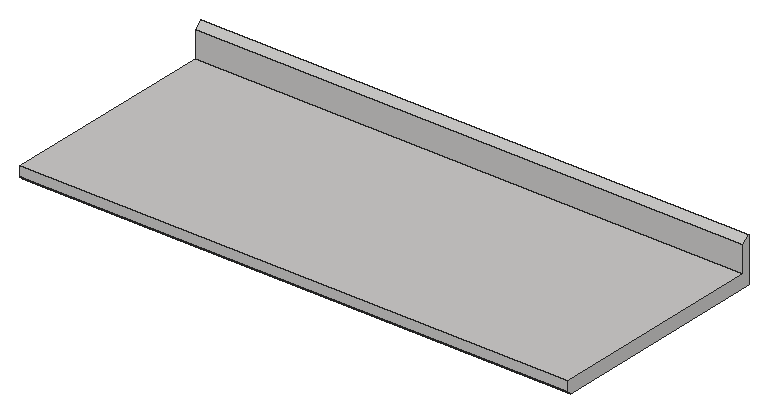
Revit family "QF_ELECTROLUXPROFESSIONAL_121147_TPLA17A", category Attrezzature speciali, Revit 2020
Family settings
  Quota connettore circolare = Usa diametro
  Tipo di parte = Normale
  Basato su piano di lavoro = No
  Sempre verticale = Sì
  Taglio con vuoti quando caricato = No
  Condiviso = No
  Punto di calcolo locali = No
Parameters (values of type "Standard")
  Weight = 56.00 kg
  Watts = 0 W
  Volts = 0 V
  URL Manufacturer = "https://www.electroluxprofessional.com/"
  URL = "https://www.electroluxprofessional.com/"
  Steam Supply Size = 0 mm
  Steam Supply Minimum Pressure = 0.0 Pa
  Steam Supply Maximum Pressure = 0.0 Pa
  Steam Consumption per Hour = 0
  Refrigeration Suction Line Size = 0.0 mm
  Refrigeration Liquid Line Size = 0.0 mm
  Refrigerant Compressor Remote = yes
  Prospetto di default = 0.0 mm
  Phase = 0
  Modello = "TPLA17A"
  Produttore = "Electrolux Professional"
  Length Actual = 1700.0 mm  # constant formula
  Item Number = "121147"
  Hot Water Size = 0 mm
  Height Actual = 140.0 mm  # constant formula
  HP = "0 HP"
  Gas Size = 0 mm
  Gas KW = 0
  Gas Input Pressure = 0 W
  Direct Waste Size = 0 mm
  Descrizione = "WORK TOP WITH UPSTAND 1700MM"
  Depth Actual = 700.0 mm  # constant formula
  Cycle = 0 Hz
  Condensate Return Size = 0 mm
  Compressed Air Volume = 0.0 L/s
  Compressed Air Size = 0 mm
  Compressed Air Pressure = 0.0 Pa
  Cold Water Size = 0 mm
  Accessory = yes
Reference planes
  plane 1 "Center (Front/Back)": y = 0
  plane 2: z = 0
  plane 3 "Center (Left/Right)": x = -350
  plane 4 "LEFT": x = -1200
  plane 5 "RIGHT": x = 500
  plane 6 "BACK": y = 350
  plane 7 "FRONT": y = -350
  plane 8 "TOP": z = 1000
  plane 9: z = 900
  plane 10: z = 860
Forms (mm)
  Extrusion 1, solid, material "QF_Finishes_Stainless Steel"
    sketch origin (-350, 0, 0) x (0, 1, 0) y (0, 0, 1)
      loop
        line (350, 1000) -> (330, 980) -> (330, 900) -> (-350, 900) -> (-350, 870) -> (-340, 860) -> (350, 860) -> (350, 1000)
    from 850 to -850
Lines and regions (mm)
  symbolic lines
    curve 1: line (500, 350, 1000) -> (-1200, 350, 1000)
    curve 2: line (-1200, 350, 1000) -> (-1200, -350, 1000)
    curve 3: line (-1200, -350, 1000) -> (500, -350, 1000)
    curve 4: line (500, -350, 1000) -> (500, 350, 1000)
    curve 5: line (-1200, 330, 1000) -> (500, 330, 1000)
Dimensions and locks
  plane 4 "LEFT" to plane 5 "RIGHT" = 1700.0 mm
  equal spacing: plane 4 "LEFT", plane 3 "Center (Left/Right)", plane 5 "RIGHT"
  plane 6 "BACK" to plane 7 "FRONT" = 700.0 mm
  equal spacing: plane 6 "BACK", plane 1 "Center (Front/Back)", plane 7 "FRONT"
  locked: plane 8 "TOP" to plane 9 at 100
  locked: plane 6 "BACK" to Extrusion 1 sketch curve at 20
  plane 10 to level = 860.0 mm
  plane 8 "TOP" to plane 10 = 140.0 mm
  aligned and locked: level to plane 2
  aligned and locked: Extrusion 1 to plane 4 "LEFT"
  aligned and locked: plane 5 "RIGHT" to Extrusion 1
  aligned and locked: curve 2 to plane 4 "LEFT"
  aligned and locked: Extrusion 1 sketch curve to plane 9
  aligned and locked: Extrusion 1 sketch curve to plane 6 "BACK"
  aligned and locked: plane 7 "FRONT" to Extrusion 1 sketch curve
  aligned and locked: plane 10 to Extrusion 1 sketch curve
Automatic sketch dimensions
  curve 3 to plane 7 "FRONT" = 0.0 mm
  curve 4 to plane 5 "RIGHT" = 0.0 mm
  curve 4 to plane 6 "BACK" = 0.0 mm
  curve 5 to plane 6 "BACK" = 20.0 mm
  Extrusion 1 sketch curve to plane 8 "TOP" = 0.0 mm
  Extrusion 1 sketch curve to plane 8 "TOP" = 20.0 mm
  plane 7 "FRONT" to Extrusion 1 sketch curve = 10.0 mm
  level to Extrusion 1 sketch curve = 870.0 mm
